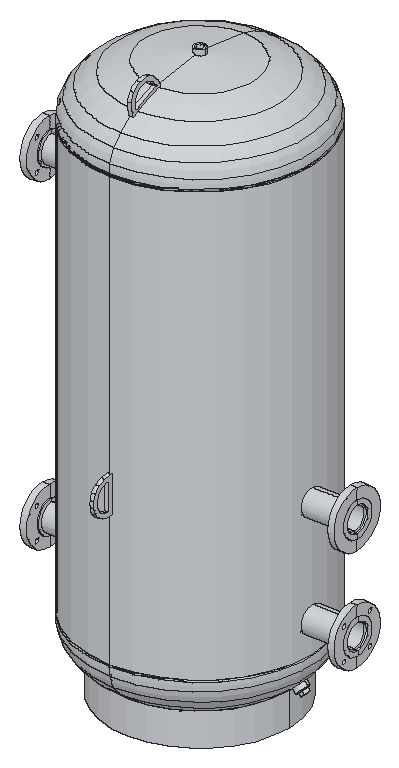
Revit family "HBT-210-33", category Generic Models, Revit 2014
Parameters (values of type "HBT-210-33")
  height [instance] = 75"
  URL = "http://westank.com/"
  Tank Volume = 210 gal
  Part Number = 55642133
  Model = "HBT-210-33"
  Maximum Shipping Weight = 546 lbf
  G = 14"
  F = 28"
  E = 58"
  Description = "Wessels ASME 4 Port Hot Water Buffer Tanks (HBT) are designed for use with today’s high efficiency systems that incorporate small modular low-mass boiler."
  D = 76 1/2"
  C = 30"
  B = 3"
  A = 3"
Reference planes (in)
  plane 1 "Center (Front/Back)": y = 0
  plane 2: z = 0
  plane 3 "Center (Left/Right)": x = 0
  plane 4: through (12.55282, -180, 5.24135) normal (0.8192, 0, -0.5736)
  plane 5: x = -15
  plane 6: x = 15
  plane 7: z = 0
  plane 8: y = 15
  plane 9: y = -15
  plane 10: x = -12
  plane 11: x = 12
  plane 12: z = 76.5
  plane 13: z = 58
  plane 14: z = 28
  plane 15: z = 14
Forms (in)
  Revolve 1, solid
    sketch origin (0, -0.02461, 0) x (0, 1, 0) y (0, 0, 1)
      loop
        line (-14.97539, 9.87397) -> (-14.812, 9.87397)
        arc (-14.812, 9.87397) -> (-14.83596, 9.78454) -> (-14.90143, 9.71907) r 0.17887
        arc (-14.90143, 9.71907) -> (-14.94991, 9.64836) -> (-14.97579, 9.56662) r 0.29232
        arc (-14.97579, 9.56662) -> (-14.96586, 8.98455) -> (-14.89468, 8.40676) r 5.51955
        arc (-14.89468, 8.40676) -> (-14.65184, 7.56116) -> (-14.23912, 6.78419) r 4.22443
        arc (-14.23912, 6.78419) -> (-13.71208, 6.0842) -> (-13.11424, 5.44361) r 8.30764
        arc (-13.11424, 5.44361) -> (-11.99363, 4.5369) -> (-10.73315, 3.83755) r 8.30764
        arc (-10.73315, 3.83755) -> (-9.02248, 3.06195) -> (-7.23223, 2.49367) r 15.88746
        arc (-7.23223, 2.49367) -> (-3.63165, 1.79117) -> (0.02461, 1.49214) r 33.04234
        line (0.02461, 1.49214) -> (0.02461, 1.66407)
        arc (0.02461, 1.66407) -> (-3.61037, 1.96174) -> (-7.19, 2.66027) r 32.87047
        arc (-7.19, 2.66027) -> (-8.96351, 3.22342) -> (-10.65802, 3.99223) r 15.71558
        arc (-10.65802, 3.99223) -> (-11.8952, 4.67783) -> (-12.99495, 5.56734) r 8.13577
        arc (-12.99495, 5.56734) -> (-13.58042, 6.19468) -> (-14.09655, 6.88019) r 8.13577
        arc (-14.09655, 6.88019) -> (-14.49248, 7.62554) -> (-14.72544, 8.43674) r 4.05256
        arc (-14.72544, 8.43674) -> (-14.79395, 8.9901) -> (-14.80447, 9.54759) r 5.34767
        arc (-14.80447, 9.54759) -> (-14.7971, 9.56945) -> (-14.78569, 9.5895) r 0.12044
        arc (-14.78569, 9.5895) -> (-14.67439, 9.72277) -> (-14.64064, 9.89308) r 0.35074
        line (-14.64064, 9.89308) -> (-14.84715, 9.89308) -> (-14.84715, 68.08064) -> (-14.64151, 68.08064)
        arc (-14.64151, 68.08064) -> (-14.67184, 68.25757) -> (-14.78573, 68.39633) r 0.35074
        arc (-14.78573, 68.39633) -> (-14.79712, 68.41638) -> (-14.80449, 68.43823) r 0.12045
        arc (-14.80449, 68.43823) -> (-14.79397, 68.99572) -> (-14.72546, 69.54908) r 5.34768
        arc (-14.72546, 69.54908) -> (-14.4925, 70.36028) -> (-14.09657, 71.10564) r 4.05257
        arc (-14.09657, 71.10564) -> (-13.58043, 71.79115) -> (-12.99497, 72.41848) r 8.13578
        arc (-12.99497, 72.41848) -> (-11.89524, 73.30799) -> (-10.65807, 73.99358) r 8.13578
        arc (-10.65807, 73.99358) -> (-8.96355, 74.76239) -> (-7.19005, 75.32553) r 15.71558
        arc (-7.19005, 75.32553) -> (-3.61055, 76.02404) -> (0.02429, 76.32172) r 32.87045
        line (0.02429, 76.32172) -> (0.02429, 76.49546)
        arc (0.02429, 76.49546) -> (-3.63245, 76.19641) -> (-7.2335, 75.49382) r 33.04334
        arc (-7.2335, 75.49382) -> (-9.02402, 74.92542) -> (-10.73493, 74.14967) r 15.88853
        arc (-10.73493, 74.14967) -> (-11.99625, 73.44992) -> (-13.11754, 72.54258) r 8.30893
        arc (-13.11754, 72.54258) -> (-13.7162, 71.90114) -> (-14.24389, 71.20015) r 8.30923
        arc (-14.24389, 71.20015) -> (-14.65697, 70.4227) -> (-14.90005, 69.57655) r 4.22701
        arc (-14.90005, 69.57655) -> (-14.97148, 68.99602) -> (-14.98111, 68.41119) r 5.52257
        arc (-14.98111, 68.41119) -> (-14.95423, 68.32481) -> (-14.90267, 68.25048) r 0.29803
        arc (-14.90267, 68.25048) -> (-14.837, 68.18345) -> (-14.81302, 68.09272) r 0.18362
        line (-14.81302, 68.09272) -> (-14.97539, 68.09272) -> (-14.97539, 9.87397)
      axis (0.02461, 1.49214) -> (0.02461, 76.49546)
    angle from 0 to 360
  Revolve 2, solid
    sketch origin (-2, 0, 43.49869) x (-1, 0, 0) y (0, 0, 1)
      loop
        line (17.81367, 12.75376) -> (17.81367, 12.37446) -> (18.06367, 12.37446) -> (18.06367, 10.7502) -> (18.9375, 10.7502) -> (18.9375, 12.18553) -> (19, 12.18553) -> (19, 12.75376) -> (17.81367, 12.75376)
      axis (19, 14.50013) -> (17.81367, 14.50013)
    angle from 0 to 360
  Revolve 3, solid
    sketch origin (-1.82085, 0, 2.88409) x (0.981353, 0, -0.192215) y (0.192215, 0, 0.981353)
      loop
        line (14.71753, 6.11956) -> (14.66586, 6.1556) -> (14.25436, 5.56561) -> (14.86992, 5.13627) -> (15.24588, 5.6753) -> (15.19462, 5.71106) -> (15.31904, 5.88945) -> (14.80641, 6.24699) -> (14.71753, 6.11956)
      axis (14.25436, 5.56561) -> (14.86992, 5.13627)
    angle from 0 to 360
  Extrusion 4, solid
    sketch origin (13.38203, -180, 6.13049) x (0.718765, 0, 0.695254) y (0, -1, 0)
      loop
        line (-0.16036, -179.52645) -> (-0.95521, -179.68698) -> (-0.79485, -180.48095) -> (0, -180.32042) -> (-0.16036, -179.52645)
    from 1.02698 to 1.52678
  Extrusion 5, solid
    sketch origin (0, -3.06035, 6.47257) x (0, 1, 0) y (0, 0, 1)
      loop
        line (-11.93439, 21.33067) -> (-11.93439, 26.202)
        arc (-11.93439, 26.202) -> (-12.47846, 26.15164) -> (-13.01533, 26.05008) r 5.77422
        arc (-13.01533, 26.05008) -> (-13.49297, 25.89754) -> (-13.94252, 25.67548) r 3.35288
        arc (-13.94252, 25.67548) -> (-14.34081, 25.36666) -> (-14.64962, 24.96837) r 2.0073
        arc (-14.64962, 24.96837) -> (-14.80343, 24.58932) -> (-14.88788, 24.18906) r 2.30742
        arc (-14.88788, 24.18906) -> (-14.91277, 23.77188) -> (-14.88788, 23.3547) r 3.50846
        arc (-14.88788, 23.3547) -> (-14.79412, 22.92876) -> (-14.61961, 22.52904) r 2.24053
        arc (-14.61961, 22.52904) -> (-14.27401, 22.08806) -> (-13.80999, 21.77406) r 1.8078
        arc (-13.80999, 21.77406) -> (-13.34321, 21.55591) -> (-12.84107, 21.44044) r 2.44481
        arc (-12.84107, 21.44044) -> (-12.39043, 21.36326) -> (-11.93439, 21.33067) r 4.65484
      loop
        arc (-12.44611, 25.63929) -> (-12.67227, 25.60073) -> (-12.89654, 25.55235) r 5.2625
        arc (-12.89654, 25.55235) -> (-13.30128, 25.42308) -> (-13.68221, 25.23491) r 2.84116
        arc (-13.68221, 25.23491) -> (-13.97364, 25.01013) -> (-14.20134, 24.72098) r 1.49558
        arc (-14.20134, 24.72098) -> (-14.3163, 24.43235) -> (-14.37979, 24.12821) r 1.7957
        arc (-14.37979, 24.12821) -> (-14.40106, 23.77188) -> (-14.37979, 23.41555) r 2.99674
        arc (-14.37979, 23.41555) -> (-14.30745, 23.08689) -> (-14.17279, 22.77846) r 1.72881
        arc (-14.17279, 22.77846) -> (-13.91552, 22.45353) -> (-13.56884, 22.22643) r 1.29608
        arc (-13.56884, 22.22643) -> (-13.1779, 22.0402) -> (-12.75531, 21.94566) r 1.9331
        arc (-12.75531, 21.94566) -> (-12.60126, 21.91347) -> (-12.44611, 21.88716) r 4.14312
        line (-12.44611, 21.88716) -> (-12.44611, 25.63929)
    from -0.24366 to 0.25634
  Extrusion 6, solid
    sketch origin (0, -27.08534, 55.11684) x (0, 0.366501, -0.930418) y (0, 0.930418, 0.366501)
      loop
        arc (-12.0461, 25.71684) -> (-12.27227, 25.67827) -> (-12.49653, 25.62989) r 5.2625
        arc (-12.49653, 25.62989) -> (-12.90127, 25.50063) -> (-13.28221, 25.31246) r 2.84116
        arc (-13.28221, 25.31246) -> (-13.57363, 25.08767) -> (-13.80134, 24.79853) r 1.49558
        arc (-13.80134, 24.79853) -> (-13.9163, 24.50989) -> (-13.97979, 24.20576) r 1.7957
        arc (-13.97979, 24.20576) -> (-14.00105, 23.84943) -> (-13.97979, 23.4931) r 2.99674
        arc (-13.97979, 23.4931) -> (-13.90744, 23.16443) -> (-13.77279, 22.85601) r 1.72881
        arc (-13.77279, 22.85601) -> (-13.51552, 22.53108) -> (-13.16884, 22.30397) r 1.29608
        arc (-13.16884, 22.30397) -> (-12.77789, 22.11774) -> (-12.35531, 22.02321) r 1.9331
        arc (-12.35531, 22.02321) -> (-12.20126, 21.99102) -> (-12.0461, 21.9647) r 4.14312
        line (-12.0461, 21.9647) -> (-12.0461, 25.71684)
      loop
        line (-11.21056, 21.38893) -> (-11.21056, 26.21559)
        arc (-11.21056, 26.21559) -> (-12.19615, 26.22001) -> (-13.14349, 25.94808) r 3.48194
        arc (-13.14349, 25.94808) -> (-13.66357, 25.64991) -> (-14.11481, 25.25524) r 3.03185
        arc (-14.11481, 25.25524) -> (-14.39878, 24.60234) -> (-14.51622, 23.90011) r 2.91879
        arc (-14.51622, 23.90011) -> (-14.4511, 23.22451) -> (-14.20241, 22.59298) r 2.44012
        arc (-14.20241, 22.59298) -> (-13.8323, 22.13222) -> (-13.33474, 21.8133) r 1.83162
        arc (-13.33474, 21.8133) -> (-12.29509, 21.48877) -> (-11.21056, 21.38893) r 5.1769
    from -0.24366 to 0.25634
  Extrusion 7, solid
    sketch origin (0, 0, 4.5625) x (1, 0, 0) y (0, 1, 0)
      loop
        circle (0, 0) r 0.75
      loop
        circle (0, 0) r 0.5
    from 71.36613 to 72.49354
  Extrusion 8, void
    sketch origin (0.18835, 0.13917, 43.91629) x (0, 1, 0) y (0, 0, -1)
      loop
        circle (1.95902, -16.21103) r 0.37532
      loop
        circle (2.0068, -11.95417) r 0.37532
      loop
        circle (-2.26242, -16.18597) r 0.37532
      loop
        circle (-2.23501, -11.97923) r 0.37532
    from 16.8799 to 22.93835
  Extrusion 9, void
    sketch origin (0, 0, 0) x (1, 0, 0) y (0, 1, 0)
      loop
        circle (0, 0) r 0.5
    from 73.75623 to 77.79422
  Revolve 10, solid
    sketch origin (0, 0, 0) x (1, 0, 0) y (0, 0, 1)
      loop
        line (11.87609, 4.44941) -> (11.87609, 0) -> (12, 0) -> (12, 4.44941) -> (11.87609, 4.44941)
      axis (0, 4.44941) -> (0, 0)
    angle from 0 to 360
  Revolve 11, solid
    sketch origin (0.18835, 0, 43.49878) x (1, 0, 0) y (0, 0, 1)
      loop
        line (-14.37585, 12.96677) -> (-20.86949, 12.96677) -> (-20.86949, 12.74998) -> (-14.37585, 12.74998) -> (-14.37585, 12.96677)
      axis (-20.86949, 14.50013) -> (-14.37585, 14.50013)
    angle from 0 to 360
  Extrusion 12, void
    sketch origin (0, 0, -0.23106) x (0, 1, 0) y (0, 0, 1)
      loop
        circle (0, 14.25) r 1.53336
    from 0.25634 to 23.93552
  Revolve 13, solid
    sketch origin (0, 0, -0.50013) x (1, 0, 0) y (0, 0, 1)
      loop
        line (19.81367, 12.75376) -> (19.81367, 12.37446) -> (20.06367, 12.37446) -> (20.06367, 10.7502) -> (20.9375, 10.7502) -> (20.9375, 12.18553) -> (21, 12.18553) -> (21, 12.75376) -> (19.81367, 12.75376)
      axis (21, 14.50013) -> (19.81367, 14.50013)
    angle from 0 to 360
  Revolve 14, solid
    sketch origin (0, 0, -0.50013) x (-1, 0, 0) y (0, 0, 1)
      loop
        line (-14.1875, 12.96569) -> (-20.6875, 12.96569) -> (-20.6875, 12.74889) -> (-14.1875, 12.74889) -> (-14.1875, 12.96569)
      axis (-20.6875, 14.50013) -> (-14.1875, 14.50013)
    angle from 0 to 360
  Extrusion 15, void
    sketch origin (0, 0, -1) x (0, 1, 0) y (0, 0, 1)
      loop
        circle (2.1264, 17.13304) r 0.37541
      loop
        circle (-2.14004, 17.13188) r 0.37062
      loop
        circle (-2.1373, 12.88615) r 0.35809
      loop
        circle (2.11492, 12.89404) r 0.36553
    from 17.75793 to 24.4469
  Revolve 16, solid
    sketch origin (-2, 0, -0.50163) x (-1, 0, 0) y (0, 0, 1)
      loop
        line (17.81367, 12.75376) -> (17.81367, 12.37446) -> (18.06367, 12.37446) -> (18.06367, 10.7502) -> (18.9375, 10.7502) -> (18.9375, 12.18553) -> (19, 12.18553) -> (19, 12.75376) -> (17.81367, 12.75376)
      axis (19, 14.50013) -> (17.81367, 14.50013)
    angle from 0 to 360
  Revolve 17, solid
    sketch origin (0.18835, 0, -0.50153) x (1, 0, 0) y (0, 0, 1)
      loop
        line (-14.37585, 12.96677) -> (-20.86949, 12.96677) -> (-20.86949, 12.74998) -> (-14.37585, 12.74998) -> (-14.37585, 12.96677)
      axis (-20.86949, 14.50013) -> (-14.37585, 14.50013)
    angle from 0 to 360
  Extrusion 18, void
    sketch origin (0.18835, 0.13917, -0.08402) x (0, 1, 0) y (0, 0, -1)
      loop
        circle (1.95902, -16.21103) r 0.37532
      loop
        circle (2.0068, -11.95417) r 0.37532
      loop
        circle (-2.26242, -16.18597) r 0.37532
      loop
        circle (-2.23501, -11.97923) r 0.37532
    from 16.8799 to 22.93835
  Revolve 19, solid
    sketch origin (0, 0, 13.49987) x (1, 0, 0) y (0, 0, 1)
      loop
        line (19.81367, 12.75376) -> (19.81367, 12.37446) -> (20.06367, 12.37446) -> (20.06367, 10.7502) -> (20.9375, 10.7502) -> (20.9375, 12.18553) -> (21, 12.18553) -> (21, 12.75376) -> (19.81367, 12.75376)
      axis (21, 14.50013) -> (19.81367, 14.50013)
    angle from 0 to 360
  Revolve 20, solid
    sketch origin (0, 0, 13.49987) x (-1, 0, 0) y (0, 0, 1)
      loop
        line (-14.11539, 12.96569) -> (-20.6875, 12.96569) -> (-20.6875, 12.74889) -> (-14.11539, 12.74889) -> (-14.11539, 12.96569)
      axis (-20.6875, 14.50013) -> (-14.11539, 14.50013)
    angle from 0 to 360
  Extrusion 21, void
    sketch origin (0, 0, 13.74941) x (0, 1, 0) y (0, 0, 1)
      loop
        circle (0, 14.25) r 1.53336
    from 8.04145 to 23.93552
  Extrusion 22, void
    sketch origin (-28.30289, 0, -0.25308) x (0, 1, 0) y (0, 0, 1)
      loop
        circle (0, 14.25) r 1.53336
    from 0.25634 to 23.93552
  Extrusion 23, void
    sketch origin (-28.30289, 0, 43.74723) x (0, 1, 0) y (0, 0, 1)
      loop
        circle (0, 14.25) r 1.53336
    from 0.25634 to 23.93552
Cuts and joins
  joined: Extrusion 4, Extrusion 5, Extrusion 6, Extrusion 7, Revolve 10
  Extrusion 9, Extrusion 12, Extrusion 21, Extrusion 22, Extrusion 23 cuts Revolve 1
  Extrusion 8, Extrusion 18 cuts Revolve 2
  Extrusion 15 cuts Revolve 13
  Extrusion 18 cuts Revolve 16
  Extrusion 21 cuts Revolve 14
Dimensions and locks (in)
  equal spacing: plane 6, plane 3 "Center (Left/Right)", plane 5  (x2)
  "D": plane 12 to level
  "E": plane 13 to plane 7
  "F": plane 14 to plane 7
  "G": plane 15 to plane 7
  "C": plane 6 to plane 5
  aligned and locked: plane 2 to level
  aligned and locked: Revolve 10 sketch curve to plane 3 "Center (Left/Right)"
Automatic sketch dimensions
  Revolve 1 sketch curve to Revolve 1 sketch curve = 0"  (x33)
  Revolve 1 sketch curve to plane 9 = 0"
  Revolve 1 sketch curve to plane 1 "Center (Front/Back)" = 0"  (x2)
  Revolve 1 sketch curve to Revolve 1 sketch curve = 0.01547"
  plane 9 to Revolve 1 sketch curve = 0.01547"
  Revolve 1 sketch curve to Revolve 1 sketch curve = 0.00578"
  Revolve 1 sketch curve to plane 9 = 0.12824"
  Revolve 1 sketch curve to Revolve 1 sketch curve = 0.03413"
  Revolve 1 sketch curve to Revolve 1 sketch curve = 9/256"
  Revolve 1 sketch curve to plane 9 = 0.28821"
  Revolve 1 sketch curve to plane 9 = 0.28822"
  Revolve 1 sketch curve to Revolve 1 sketch curve = 0.00078"
  Revolve 1 sketch curve to Revolve 1 sketch curve = 0.17151"
  Revolve 1 sketch curve to Revolve 1 sketch curve = 0.17135"
  Revolve 1 sketch curve to Revolve 1 sketch curve = 3.94929"
  Revolve 1 sketch curve to Revolve 1 sketch curve = 0.00287"
  Revolve 1 sketch curve to Revolve 1 sketch curve = 3.95216"
  Revolve 1 sketch curve to Revolve 1 sketch curve = 1.2728"
  Revolve 1 sketch curve to Revolve 1 sketch curve = 0.00246"
  Revolve 1 sketch curve to Revolve 1 sketch curve = 1.27526"
  Revolve 1 sketch curve to Revolve 1 sketch curve = 2.11145"
  Revolve 1 sketch curve to Revolve 1 sketch curve = 0.00084"
  Revolve 1 sketch curve to Revolve 1 sketch curve = 0.00187"
  Revolve 1 sketch curve to Revolve 1 sketch curve = 2.11171"
  plane 13 to Revolve 1 sketch curve = 2.0923"
  plane 1 "Center (Front/Back)" to Revolve 1 sketch curve = 3.35442"
  Revolve 1 sketch curve to Revolve 1 sketch curve = 0.00082"
  plane 1 "Center (Front/Back)" to Revolve 1 sketch curve = 3.35353"
  plane 1 "Center (Front/Back)" to Revolve 1 sketch curve = 0.00031"
  Revolve 1 sketch curve to plane 1 "Center (Front/Back)" = 0.86039"
  Revolve 1 sketch curve to Revolve 1 sketch curve = 0.00067"
  Revolve 1 sketch curve to plane 1 "Center (Front/Back)" = 0.86116"
  Revolve 1 sketch curve to Revolve 1 sketch curve = 0.00068"
  plane 14 to Revolve 1 sketch curve = 15.46332"
  Revolve 1 sketch curve to Revolve 1 sketch curve = 0.00077"
  plane 14 to Revolve 1 sketch curve = 6.52326"
  plane 15 to Revolve 1 sketch curve = 3.89417"
  Revolve 1 sketch curve to plane 15 = 2.57575"
  Revolve 1 sketch curve to plane 15 = 4.10692"
  Revolve 1 sketch curve to Revolve 1 sketch curve = 0.01911"  (x2)
  Revolve 1 sketch curve to Revolve 1 sketch curve = 0.35376"
  Revolve 1 sketch curve to Revolve 1 sketch curve = 2 7/128"
  Revolve 1 sketch curve to Revolve 1 sketch curve = 0.22592"
  level to Revolve 1 sketch curve = 1 85/128"
  Revolve 1 sketch curve to Revolve 1 sketch curve = 0.17193"
  plane 13 to Revolve 1 sketch curve = 8.56029"
  Revolve 1 sketch curve to Revolve 1 sketch curve = 0.00123"
  Revolve 1 sketch curve to Revolve 1 sketch curve = 0.00005"
  Revolve 1 sketch curve to Revolve 1 sketch curve = 1.52034"
  Revolve 1 sketch curve to Revolve 1 sketch curve = 0.01209"
  Revolve 1 sketch curve to Revolve 1 sketch curve = 0.3749"
  Revolve 1 sketch curve to Revolve 1 sketch curve = 0.01007"
  Revolve 1 sketch curve to Revolve 1 sketch curve = 2.05124"
  Revolve 1 sketch curve to Revolve 1 sketch curve = 0.00348"
  Revolve 1 sketch curve to Revolve 1 sketch curve = 0.2261"
  Revolve 1 sketch curve to Revolve 1 sketch curve = 0.0033"
  Revolve 1 sketch curve to plane 12 = 0.17828"
  Revolve 1 sketch curve to Revolve 1 sketch curve = 0.17374"
  plane 9 to Revolve 1 sketch curve = 0.0004"
  plane 9 to Revolve 1 sketch curve = 0.00572"
  Revolve 1 sketch curve to plane 9 = 0.07272"
  Revolve 1 sketch curve to plane 9 = 0.07396"
  Revolve 1 sketch curve to Revolve 1 sketch curve = 0.11808"
  Revolve 1 sketch curve to Revolve 1 sketch curve = 0.11729"
  Revolve 1 sketch curve to Revolve 1 sketch curve = 0.01876"
  Revolve 1 sketch curve to Revolve 1 sketch curve = 0.01878"
  Revolve 1 sketch curve to Revolve 1 sketch curve = 0.14732"
  Revolve 1 sketch curve to Revolve 1 sketch curve = 0.97903"
  Revolve 1 sketch curve to Revolve 1 sketch curve = 0.98231"
  Revolve 1 sketch curve to Revolve 1 sketch curve = 0.12257"
  Revolve 1 sketch curve to Revolve 1 sketch curve = 0.1193"
  Revolve 1 sketch curve to Revolve 1 sketch curve = 2.26004"
  Revolve 1 sketch curve to Revolve 1 sketch curve = 2.26179"
  Revolve 1 sketch curve to Revolve 1 sketch curve = 0.07686"
  Revolve 1 sketch curve to Revolve 1 sketch curve = 0.07513"
  Revolve 1 sketch curve to Revolve 1 sketch curve = 1.88017"
  plane 14 to Revolve 1 sketch curve = 0.89308"
  plane 13 to Revolve 2 sketch curve = 2.12686"
  plane 5 to Revolve 2 sketch curve = 4.81367"
  Revolve 2 sketch curve to Revolve 2 sketch curve = 1/4"
  Revolve 2 sketch curve to Revolve 2 sketch curve = 0.87383"
  Revolve 2 sketch curve to Revolve 2 sketch curve = 1/16"
  Revolve 2 sketch curve to Revolve 2 sketch curve = 0.18892"
  Revolve 2 sketch curve to Revolve 2 sketch curve = 1.62426"
  Revolve 2 sketch curve to Revolve 2 sketch curve = 0.3793"
  plane 13 to Revolve 2 sketch curve = 0.00118"
  plane 5 to Revolve 2 sketch curve = 1.33079"
  plane 5 to Revolve 2 sketch curve = 0.648"
  plane 4 to Revolve 3 sketch curve = 0.35169"
  plane 11 to Revolve 3 sketch curve = 1.2375"
  Revolve 3 sketch curve to Revolve 3 sketch curve = 0.4115"
  Revolve 3 sketch curve to Revolve 3 sketch curve = 0.05167"
  Revolve 3 sketch curve to Revolve 3 sketch curve = 0.08888"
  Revolve 3 sketch curve to Revolve 3 sketch curve = 0.61556"
  Revolve 3 sketch curve to Revolve 3 sketch curve = 0.47709"
  Revolve 3 sketch curve to Revolve 3 sketch curve = 0.05126"
  Revolve 3 sketch curve to Revolve 3 sketch curve = 0.42934"
  Revolve 3 sketch curve to Revolve 3 sketch curve = 0.12768"
  Revolve 3 sketch curve to Revolve 3 sketch curve = 0"  (x2)
  Revolve 3 sketch curve to Revolve 3 sketch curve = 0.08905"
  plane 1 "Center (Front/Back)" to Extrusion 4 sketch curve = 0.31302"
  Extrusion 4 sketch curve to plane 1 "Center (Front/Back)" = 0.48095"
  Extrusion 4 sketch curve to Extrusion 4 sketch curve = 0.16036"  (x2)
  plane 1 "Center (Front/Back)" to Extrusion 4 sketch curve = 0.47355"
  Extrusion 4 sketch curve to Extrusion 4 sketch curve = 0.79485"
  Extrusion 4 sketch curve to plane 1 "Center (Front/Back)" = 0.32042"
  Extrusion 5 sketch curve to Extrusion 5 sketch curve = 0"  (x24)
  plane 9 to Extrusion 5 sketch curve = 1.10144"
  Extrusion 5 sketch curve to Extrusion 5 sketch curve = 0.11966"
  Extrusion 5 sketch curve to Extrusion 5 sketch curve = 0.25819"
  Extrusion 5 sketch curve to Extrusion 5 sketch curve = 17/256"
  Extrusion 5 sketch curve to Extrusion 5 sketch curve = 0.04958"
  plane 9 to Extrusion 5 sketch curve = 0.50646"
  plane 9 to Extrusion 5 sketch curve = 0.29731"
  Extrusion 5 sketch curve to plane 9 = 0.00526"
  Extrusion 5 sketch curve to plane 9 = 0.10864"
  Extrusion 5 sketch curve to plane 9 = 0.26481"
  Extrusion 5 sketch curve to plane 9 = 0.53533"
  Extrusion 5 sketch curve to plane 14 = 1.09381"
  Extrusion 5 sketch curve to plane 14 = 0.19675"
  plane 14 to Extrusion 5 sketch curve = 0.35973"
  Extrusion 5 sketch curve to Extrusion 5 sketch curve = 0.90165"
  Extrusion 5 sketch curve to Extrusion 5 sketch curve = 0.62139"
  Extrusion 5 sketch curve to Extrusion 5 sketch curve = 27/128"
  Extrusion 5 sketch curve to Extrusion 5 sketch curve = 0.15076"
  Extrusion 5 sketch curve to Extrusion 5 sketch curve = 0.24641"
  Extrusion 5 sketch curve to Extrusion 5 sketch curve = 0.04716"
  Extrusion 5 sketch curve to Extrusion 5 sketch curve = 0.0326"
  Extrusion 5 sketch curve to Extrusion 5 sketch curve = 1.7246"
  Extrusion 5 sketch curve to Extrusion 5 sketch curve = 0.34507"
  Extrusion 5 sketch curve to Extrusion 5 sketch curve = 0.21764"
  plane 14 to Extrusion 5 sketch curve = 0.699"
  Extrusion 5 sketch curve to Extrusion 5 sketch curve = 1.12273"
  Extrusion 5 sketch curve to Extrusion 5 sketch curve = 0.78568"
  plane 14 to Extrusion 5 sketch curve = 0.24664"
  Extrusion 5 sketch curve to Extrusion 5 sketch curve = 0.24115"
  Extrusion 5 sketch curve to Extrusion 5 sketch curve = 0.2603"
  Extrusion 5 sketch curve to Extrusion 5 sketch curve = 0.51913"
  Extrusion 5 sketch curve to Extrusion 5 sketch curve = 0.44829"
  Extrusion 7 sketch curve to Extrusion 7 sketch curve = 0"  (x2)
  plane 1 "Center (Front/Back)" to Extrusion 7 sketch curve = 0"
  Extrusion 7 sketch curve to plane 3 "Center (Left/Right)" = 0"
  plane 1 "Center (Front/Back)" to Extrusion 8 sketch curve = 2.12326"
  plane 1 "Center (Front/Back)" to Extrusion 8 sketch curve = 2.09584"
  Extrusion 8 sketch curve to plane 1 "Center (Front/Back)" = 2.09819"
  Extrusion 8 sketch curve to plane 1 "Center (Front/Back)" = 2.14597"
  plane 13 to Extrusion 8 sketch curve = 2.12732"
  plane 13 to Extrusion 8 sketch curve = 2.10226"
  Extrusion 8 sketch curve to plane 13 = 2.10448"
  Extrusion 8 sketch curve to plane 13 = 2.12954"
  Extrusion 9 sketch curve to Extrusion 9 sketch curve = 0"  (x2)
  plane 1 "Center (Front/Back)" to Extrusion 9 sketch curve = 0"
  Extrusion 9 sketch curve to plane 3 "Center (Left/Right)" = 0"
  Extrusion 9 sketch curve to plane 3 "Center (Left/Right)" = 1/2"
  Revolve 10 sketch curve to level = 0"
  Revolve 10 sketch curve to plane 11 = 0"
  Revolve 10 sketch curve to plane 11 = 0.12391"
  level to Revolve 10 sketch curve = 4.44941"
  level to Revolve 10 sketch curve = 4.69941"
  Revolve 10 sketch curve to Revolve 10 sketch curve = 1"
  Revolve 11 sketch curve to plane 13 = 1.53445"
  Revolve 11 sketch curve to plane 5 = 5.68114"
  plane 5 to Revolve 11 sketch curve = 13/16"
  Revolve 11 sketch curve to Revolve 11 sketch curve = 0.2168"
  Revolve 11 sketch curve to plane 13 = 0.00109"
  plane 5 to Revolve 11 sketch curve = 0.7032"
  Revolve 11 sketch curve to Revolve 11 sketch curve = 0.36015"
  Extrusion 12 sketch curve to Extrusion 12 sketch curve = 0"  (x2)
  Extrusion 12 sketch curve to plane 1 "Center (Front/Back)" = 0"
  plane 15 to Extrusion 12 sketch curve = 0.01894"
  Extrusion 12 sketch curve to plane 15 = 1.51442"
  Revolve 13 sketch curve to plane 15 = 0"
  Revolve 13 sketch curve to plane 15 = 2.12567"
  plane 6 to Revolve 13 sketch curve = 4.81367"
  Revolve 13 sketch curve to Revolve 13 sketch curve = 1/4"
  Revolve 13 sketch curve to Revolve 13 sketch curve = 0.87383"
  Revolve 13 sketch curve to Revolve 13 sketch curve = 1/16"
  Revolve 13 sketch curve to Revolve 13 sketch curve = 0.18892"
  Revolve 13 sketch curve to Revolve 13 sketch curve = 1.62426"
  Revolve 13 sketch curve to Revolve 13 sketch curve = 0.3793"
  Revolve 13 sketch curve to plane 6 = 0.66921"
  Revolve 13 sketch curve to Revolve 13 sketch curve = 0.68278"
  Revolve 14 sketch curve to plane 15 = 0"
  plane 15 to Revolve 14 sketch curve = 1.53445"
  Revolve 14 sketch curve to plane 6 = 5 11/16"
  plane 6 to Revolve 14 sketch curve = 13/16"
  Revolve 14 sketch curve to Revolve 14 sketch curve = 0.2168"
  plane 6 to Revolve 14 sketch curve = 0.51485"
  Revolve 14 sketch curve to Revolve 14 sketch curve = 0.36015"
  plane 1 "Center (Front/Back)" to Extrusion 15 sketch curve = 2.14004"
  plane 1 "Center (Front/Back)" to Extrusion 15 sketch curve = 2.1373"
  Extrusion 15 sketch curve to plane 1 "Center (Front/Back)" = 2.11492"
  Extrusion 15 sketch curve to plane 1 "Center (Front/Back)" = 2.1264"
  Extrusion 15 sketch curve to plane 15 = 2.11385"
  Extrusion 15 sketch curve to plane 15 = 2.10596"
  plane 15 to Extrusion 15 sketch curve = 2.13188"
  plane 15 to Extrusion 15 sketch curve = 2.13304"
  plane 15 to Revolve 16 sketch curve = 2.12717"
  plane 5 to Revolve 16 sketch curve = 4.81367"
  Revolve 16 sketch curve to Revolve 16 sketch curve = 1/4"
  Revolve 16 sketch curve to Revolve 16 sketch curve = 0.87383"
  Revolve 16 sketch curve to Revolve 16 sketch curve = 1/16"
  Revolve 16 sketch curve to Revolve 16 sketch curve = 0.18892"
  Revolve 16 sketch curve to Revolve 16 sketch curve = 1.62426"
  Revolve 16 sketch curve to Revolve 16 sketch curve = 0.3793"
  plane 15 to Revolve 16 sketch curve = 0.00149"
  plane 5 to Revolve 16 sketch curve = 1.33079"
  plane 5 to Revolve 16 sketch curve = 0.648"
  Revolve 17 sketch curve to plane 15 = 1.53476"
  Revolve 17 sketch curve to plane 5 = 5.68114"
  plane 5 to Revolve 17 sketch curve = 13/16"
  Revolve 17 sketch curve to Revolve 17 sketch curve = 0.2168"
  Revolve 17 sketch curve to plane 15 = 0.0014"
  plane 5 to Revolve 17 sketch curve = 0.7032"
  Revolve 17 sketch curve to Revolve 17 sketch curve = 0.36015"
  plane 1 "Center (Front/Back)" to Extrusion 18 sketch curve = 2.12326"
  plane 1 "Center (Front/Back)" to Extrusion 18 sketch curve = 2.09584"
  Extrusion 18 sketch curve to plane 1 "Center (Front/Back)" = 2.09819"
  Extrusion 18 sketch curve to plane 1 "Center (Front/Back)" = 2.14597"
  plane 15 to Extrusion 18 sketch curve = 2.12701"
  plane 15 to Extrusion 18 sketch curve = 2.10195"
  Extrusion 18 sketch curve to plane 15 = 2.10479"
  Extrusion 18 sketch curve to plane 15 = 2.12986"
  Revolve 19 sketch curve to plane 14 = 0"
  Revolve 19 sketch curve to plane 14 = 2.12567"
  plane 6 to Revolve 19 sketch curve = 4.81367"
  Revolve 19 sketch curve to Revolve 19 sketch curve = 1/4"
  Revolve 19 sketch curve to Revolve 19 sketch curve = 0.87383"
  Revolve 19 sketch curve to Revolve 19 sketch curve = 1/16"
  Revolve 19 sketch curve to Revolve 19 sketch curve = 0.18892"
  Revolve 19 sketch curve to Revolve 19 sketch curve = 1.62426"
  Revolve 19 sketch curve to Revolve 19 sketch curve = 0.3793"
  Revolve 19 sketch curve to plane 6 = 0.66921"
  Revolve 19 sketch curve to Revolve 19 sketch curve = 0.68278"
  Revolve 20 sketch curve to plane 14 = 0"
  plane 14 to Revolve 20 sketch curve = 1.75124"
  Revolve 20 sketch curve to plane 6 = 5 11/16"
  plane 6 to Revolve 20 sketch curve = 0.88461"
  Revolve 20 sketch curve to Revolve 20 sketch curve = 0.2168"
  plane 6 to Revolve 20 sketch curve = 0.51485"
  Revolve 20 sketch curve to Revolve 20 sketch curve = 0.36015"
  Extrusion 21 sketch curve to Extrusion 21 sketch curve = 0"  (x2)
  Extrusion 21 sketch curve to plane 1 "Center (Front/Back)" = 0"
  Extrusion 21 sketch curve to plane 14 = 0.00059"
  Extrusion 21 sketch curve to Extrusion 21 sketch curve = 1.53336"
  Extrusion 22 sketch curve to Extrusion 22 sketch curve = 0"  (x2)
  Extrusion 22 sketch curve to plane 1 "Center (Front/Back)" = 0"
  Extrusion 22 sketch curve to plane 15 = 0.00308"
  Extrusion 22 sketch curve to Extrusion 22 sketch curve = 1.53336"
  Extrusion 23 sketch curve to Extrusion 23 sketch curve = 0"  (x2)
  Extrusion 23 sketch curve to plane 1 "Center (Front/Back)" = 0"
  Extrusion 23 sketch curve to plane 13 = 0.00277"
  Extrusion 23 sketch curve to Extrusion 23 sketch curve = 1.53336"
  Extrusion 6 sketch curve to plane 12 = 1.01338"
  Extrusion 6 sketch curve to plane 9 = 5.13509"
  Extrusion 6 sketch curve to Extrusion 6 sketch curve = 0.03301"
  Extrusion 6 sketch curve to Extrusion 6 sketch curve = 0.08665"
  Extrusion 6 sketch curve to Extrusion 6 sketch curve = 0.34483"
  Extrusion 6 sketch curve to Extrusion 6 sketch curve = 17/256"
  Extrusion 6 sketch curve to Extrusion 6 sketch curve = 0.04958"
  Extrusion 6 sketch curve to Extrusion 6 sketch curve = 0.06885"
  Extrusion 6 sketch curve to Extrusion 6 sketch curve = 0.15073"
  Extrusion 6 sketch curve to Extrusion 6 sketch curve = 0.36028"
  Extrusion 6 sketch curve to Extrusion 6 sketch curve = 0.06601"
  Extrusion 6 sketch curve to Extrusion 6 sketch curve = 0.11815"
  Extrusion 6 sketch curve to Extrusion 6 sketch curve = 0.47821"
  Extrusion 6 sketch curve to Extrusion 6 sketch curve = 0.6151"
  Extrusion 6 sketch curve to Extrusion 6 sketch curve = 0.15011"
  Extrusion 6 sketch curve to Extrusion 6 sketch curve = 0.77126"
  Extrusion 6 sketch curve to Extrusion 6 sketch curve = 0.22045"
  Extrusion 6 sketch curve to Extrusion 6 sketch curve = 0.59588"
  Extrusion 6 sketch curve to Extrusion 6 sketch curve = 0.3061"
  Extrusion 6 sketch curve to Extrusion 6 sketch curve = 0.31529"
  Extrusion 6 sketch curve to Extrusion 6 sketch curve = 0.0954"
  Extrusion 6 sketch curve to Extrusion 6 sketch curve = 0.80625"
  Extrusion 6 sketch curve to Extrusion 6 sketch curve = 0.57577"
  Extrusion 6 sketch curve to Extrusion 6 sketch curve = 0.87777"
  Extrusion 6 sketch curve to Extrusion 6 sketch curve = 0.00686"
  Extrusion 6 sketch curve to Extrusion 6 sketch curve = 0.20406"
  Extrusion 6 sketch curve to Extrusion 6 sketch curve = 0.59172"
  Extrusion 6 sketch curve to Extrusion 6 sketch curve = 0.09548"
  Extrusion 6 sketch curve to Extrusion 6 sketch curve = 0.07607"
  Extrusion 6 sketch curve to Extrusion 6 sketch curve = 0.15093"
  Extrusion 6 sketch curve to Extrusion 6 sketch curve = 0.04716"
  Extrusion 6 sketch curve to Extrusion 6 sketch curve = 0.0326"
  Extrusion 6 sketch curve to Extrusion 6 sketch curve = 1.7246"
  Extrusion 6 sketch curve to Extrusion 6 sketch curve = 0.34507"
  Extrusion 6 sketch curve to Extrusion 6 sketch curve = 0.15369"
  Extrusion 6 sketch curve to Extrusion 6 sketch curve = 0.34976"
  Extrusion 6 sketch curve to Extrusion 6 sketch curve = 0"  (x6)
  Extrusion 6 sketch curve to Extrusion 6 sketch curve = 0.1659"
  Extrusion 6 sketch curve to Extrusion 6 sketch curve = 0.13872"
  Extrusion 6 sketch curve to Extrusion 6 sketch curve = 0.42962"
  Extrusion 6 sketch curve to Extrusion 6 sketch curve = 0.51913"
  Extrusion 6 sketch curve to Extrusion 6 sketch curve = 0.31348"
  radius of Extrusion 7 sketch curve = 3/4"
  radius of Extrusion 7 sketch curve = 1/2"
  radius of Extrusion 8 sketch curve = 0.37532"  (x4)
  radius of Extrusion 15 sketch curve = 0.37541"
  radius of Extrusion 15 sketch curve = 0.37062"
  radius of Extrusion 15 sketch curve = 0.35809"
  radius of Extrusion 15 sketch curve = 0.36553"
  radius of Extrusion 18 sketch curve = 0.37532"  (x4)
Connectors (in)
  piping at (-21, 0, 57.99882), diameter 3, driven by "B"
    settings: on Revolve 2, index 1, connector inside diameter 24", connector length 0", flow factor 0, pipe flow 0 GPM, pressure drop 0.00 psi, fitting loss kfactor 0, connector angle 0.00°, fixture units 0, engagement length 0", angle of deflection 0.00°, flow configuration 0, flow direction 0, fitting loss method 0, system type 7, joint type 0, gender type 0, connector reference index -1, connector utility 0, adjustable connector no, is connector primary yes, connector description ""
  piping at (21, 0, 14), diameter 3, driven by "A"
    settings: on Revolve 13, index 2, connector inside diameter 24", connector length 0", flow factor 0, pipe flow 0 GPM, pressure drop 0.00 psi, fitting loss kfactor 0, connector angle 0.00°, fixture units 0, engagement length 0", angle of deflection 0.00°, flow configuration 0, flow direction 0, fitting loss method 0, system type 7, joint type 0, gender type 0, connector reference index -1, connector utility 0, adjustable connector no, is connector primary no, connector description ""
  piping at (21, 0, 28), diameter 3, driven by "A"
    settings: on Revolve 19, index 3, connector inside diameter 24", connector length 0", flow factor 0, pipe flow 0 GPM, pressure drop 0.00 psi, fitting loss kfactor 0, connector angle 0.00°, fixture units 0, engagement length 0", angle of deflection 0.00°, flow configuration 0, flow direction 0, fitting loss method 0, system type 7, joint type 0, gender type 0, connector reference index -1, connector utility 0, adjustable connector no, is connector primary no, connector description ""
  piping at (-21, 0, 13.99851), diameter 3, driven by "B"
    settings: on Revolve 16, index 4, connector inside diameter 24", connector length 0", flow factor 0, pipe flow 0 GPM, pressure drop 0.00 psi, fitting loss kfactor 0, connector angle 0.00°, fixture units 0, engagement length 0", angle of deflection 0.00°, flow configuration 0, flow direction 0, fitting loss method 0, system type 7, joint type 0, gender type 0, connector reference index -1, connector utility 0, adjustable connector no, is connector primary no, connector description ""
